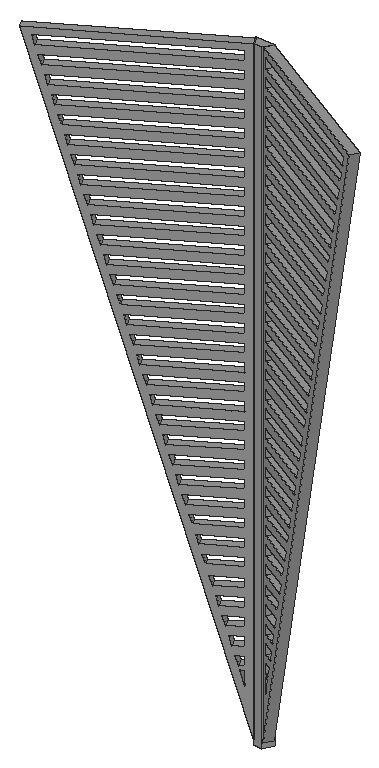
Revit family "MBS_shading panel2__down_30", category Generic Models, Revit 2014
Reference planes
  plane 1 "Center (Front/Back)": y = 0
  plane 2: z = 0
  plane 3 "Center (Left/Right)": x = 0
Dimensions and locks
  aligned and locked: level to plane 2
Nested families
  nested 1: "MBS_rounding mullion shading system2" at (100, -200, 0), type "MBS_rounding mullion shading system2"
    with rounding mullion height 2700 mm
  nested 2: "MBS_shading panel2" at (-87.681, 125.073, 20) x (-0.5, 0.866, 0) z (-0.866, -0.5, 0), type "MBS_shading panel2"
    with shad panel thickness 40 mm, shad panel 1 void height 2700 mm
  nested 3: "MBS_shading panel2" at (-32.076, -567.327, 20) x (-0.5, -0.866, 0) z (0.866, -0.5, 0), type "MBS_shading panel2"
    with shad panel thickness 40 mm, shad panel 1 void height 2700 mm
Definition of nested family "MBS_rounding mullion shading system2"
  Parameters (values of type "MBS_rounding mullion shading system2")
    rounding mullion mater = Steel, Galvanized rounding mull
    rounding mullion height [instance] = 2700 mm
    Default Elevation = 1219.2 mm
  Reference planes
    plane 1 "Center (Front/Back)": y = 0
    plane 2: z = 0
    plane 3 "Center (Left/Right)": x = 0
  Forms (mm)
    Extrusion 1, solid
      sketch origin (0, 0, 0) x (1, 0, 0) y (0, 1, 0)
        loop
          line (-1219.2, 1219.2) -> (-1219.2, -1219.2) -> (1219.2, -1219.2) -> (1219.2, 1219.2) -> (-1219.2, 1219.2)
      from 0 to -304.8
    Extrusion 2, solid, material "Steel, Galvanized rounding mull" <- "rounding mullion mater"
      sketch origin (0, 0, 0) x (1, 0, 0) y (0, 1, 0)
        loop
          line (0, 0) -> (23.094, -40) -> (56.906, -40) -> (80, 0) -> (0, 0)
      from 0 to 2700 <- "rounding mullion height"
  Dimensions and locks
    aligned and locked: plane 2 to Extrusion 1
    aligned and locked: level to Extrusion 1
Definition of nested family "MBS_shading panel2"
  Parameters (values of type "MBS_shading panel2")
    shading panel mater = Oak, Red shading panel2
    shad panel thickness [instance] = 40 mm
    shad panel 1 void height [instance] = 2700 mm
    panel hole = 40 mm
    Default Elevation = 1219.2 mm
  Reference planes
    plane 1 "Center (Front/Back)": y = 0
    plane 2: z = 0
    plane 3 "Center (Left/Right)": x = 0
    plane 4: y = -281.851
    plane 5: y = -321.851
    plane 6: y = -356.851
    plane 7: y = -396.851
    plane 8: through (799.2, -206.851, 30) normal (0, -0.2841, -0.9588)
    plane 9: y = -431.851
    plane 10: y = -471.851
    plane 11: y = -506.851
    plane 12: y = -546.851
    plane 13: y = -581.851
    plane 14: y = -621.851
    plane 15: y = -661.851
    plane 16: y = -701.851
    plane 17: y = -736.851
    plane 18: y = -776.851
    plane 19: y = -811.851
    plane 20: y = -851.851
    plane 21: y = -886.851
    plane 22: y = -926.851
    plane 23: y = -961.851
    plane 24: y = -1001.851
    plane 25: y = -1036.851
    plane 26: y = -1076.851
    plane 27: y = -1111.851
    plane 28: y = -1151.851
    plane 29: y = -1186.851
    plane 30: y = -1226.851
    plane 31: y = -1261.851
    plane 32: y = -1301.851
    plane 33: y = -1336.851
    plane 34: y = -1376.851
    plane 35: y = -1411.851
    plane 36: y = -1451.851
    plane 37: y = -1486.851
    plane 38: y = -1526.851
    plane 39: y = -1561.851
    plane 40: y = -1601.851
    plane 41: y = -1636.851
    plane 42: y = -1676.851
    plane 43: y = -1711.851
    plane 44: y = -1751.851
    plane 45: y = -1786.851
    plane 46: y = -1826.851
    plane 47: y = -1861.851
    plane 48: y = -1901.851
    plane 49: y = -1936.851
    plane 50: y = -1976.851
    plane 51: y = -2011.851
    plane 52: y = -2051.851
    plane 53: y = -2086.851
    plane 54: y = -2126.851
    plane 55: y = -2161.851
    plane 56: y = -2201.851
    plane 57: y = -2236.851
    plane 58: y = -2276.851
    plane 59: y = -2311.851
    plane 60: y = -2351.851
    plane 61: y = -2386.851
    plane 62: y = -2426.851
    plane 63: y = -2501.851
    plane 64: y = -2461.851
    plane 65: y = -2536.851
    plane 66: y = -2576.851
    plane 67: y = -2611.851
    plane 68: y = -2651.851
  Forms (mm)
    Extrusion 1, solid
      sketch origin (0, 0, 0) x (1, 0, 0) y (0, 1, 0)
        loop
          line (-1219.2, 1219.2) -> (-1219.2, -1219.2) -> (1219.2, -1219.2) -> (1219.2, 1219.2) -> (-1219.2, 1219.2)
      from 0 to -304.8
    Extrusion 2, solid, material "Oak, Red shading panel2" <- "shading panel mater"
      sketch origin (-420, -1442.49, -227.833) x (0, 0, -1) y (0, 1, 0)
        loop
          line (-227.833, 1442.49) -> (-1021.907, -1237.51) -> (-227.833, -1237.51) -> (-227.833, 1442.49)
        loop
          line (-257.833, 1235.639) -> (-275.611, 1175.639) -> (-257.833, 1175.639) -> (-257.833, 1235.639)
        loop
          line (-257.833, 1160.639) -> (-280.056, 1160.639) -> (-291.907, 1120.639) -> (-257.833, 1120.639) -> (-257.833, 1160.639)
        loop
          line (-257.833, 1085.639) -> (-302.278, 1085.639) -> (-314.13, 1045.639) -> (-257.833, 1045.639) -> (-257.833, 1085.639)
        loop
          line (-257.833, 1010.639) -> (-324.5, 1010.639) -> (-336.352, 970.639) -> (-257.833, 970.639) -> (-257.833, 1010.639)
        loop
          line (-257.833, 860.639) -> (-368.944, 860.639) -> (-380.796, 820.639) -> (-257.833, 820.639) -> (-257.833, 860.639)
        loop
          line (-257.833, 935.639) -> (-346.722, 935.639) -> (-358.574, 895.639) -> (-257.833, 895.639) -> (-257.833, 935.639)
        loop
          line (-257.833, 780.639) -> (-392.648, 780.639) -> (-404.5, 740.639) -> (-257.833, 740.639) -> (-257.833, 780.639)
        loop
          line (-257.833, 705.639) -> (-414.87, 705.639) -> (-426.722, 665.639) -> (-257.833, 665.639) -> (-257.833, 705.639)
        loop
          line (-257.833, 630.639) -> (-437.093, 630.639) -> (-448.944, 590.639) -> (-257.833, 590.639) -> (-257.833, 630.639)
        loop
          line (-257.833, 555.639) -> (-459.315, 555.639) -> (-471.167, 515.639) -> (-257.833, 515.639) -> (-257.833, 555.639)
        loop
          line (-257.833, 480.639) -> (-481.537, 480.639) -> (-493.389, 440.639) -> (-257.833, 440.639) -> (-257.833, 480.639)
        loop
          line (-257.833, 405.639) -> (-503.759, 405.639) -> (-515.611, 365.639) -> (-257.833, 365.639) -> (-257.833, 405.639)
        loop
          line (-257.833, 330.639) -> (-525.982, 330.639) -> (-537.833, 290.639) -> (-257.833, 290.639) -> (-257.833, 330.639)
        loop
          line (-257.833, 255.639) -> (-548.204, 255.639) -> (-560.056, 215.639) -> (-257.833, 215.639) -> (-257.833, 255.639)
        loop
          line (-257.833, 180.639) -> (-570.426, 180.639) -> (-582.278, 140.639) -> (-257.833, 140.639) -> (-257.833, 180.639)
        loop
          line (-257.833, 105.639) -> (-592.648, 105.639) -> (-604.5, 65.639) -> (-257.833, 65.639) -> (-257.833, 105.639)
        loop
          line (-257.833, 30.639) -> (-614.87, 30.639) -> (-626.722, -9.361) -> (-257.833, -9.361) -> (-257.833, 30.639)
        loop
          line (-257.833, -44.361) -> (-637.093, -44.361) -> (-648.944, -84.361) -> (-257.833, -84.361) -> (-257.833, -44.361)
        loop
          line (-257.833, -119.361) -> (-659.315, -119.361) -> (-671.167, -159.361) -> (-257.833, -159.361) -> (-257.833, -119.361)
        loop
          line (-257.833, -194.361) -> (-681.537, -194.361) -> (-693.389, -234.361) -> (-257.833, -234.361) -> (-257.833, -194.361)
        loop
          line (-257.833, -269.361) -> (-703.759, -269.361) -> (-715.611, -309.361) -> (-257.833, -309.361) -> (-257.833, -269.361)
        loop
          line (-257.833, -344.361) -> (-725.982, -344.361) -> (-737.833, -384.361) -> (-257.833, -384.361) -> (-257.833, -344.361)
        loop
          line (-257.833, -419.361) -> (-748.204, -419.361) -> (-760.056, -459.361) -> (-257.833, -459.361) -> (-257.833, -419.361)
        loop
          line (-257.833, -494.361) -> (-770.426, -494.361) -> (-782.278, -534.361) -> (-257.833, -534.361) -> (-257.833, -494.361)
        loop
          line (-257.833, -569.361) -> (-792.648, -569.361) -> (-804.5, -609.361) -> (-257.833, -609.361) -> (-257.833, -569.361)
        loop
          line (-257.833, -644.361) -> (-814.87, -644.361) -> (-826.722, -684.361) -> (-257.833, -684.361) -> (-257.833, -644.361)
        loop
          line (-257.833, -719.361) -> (-837.093, -719.361) -> (-848.944, -759.361) -> (-257.833, -759.361) -> (-257.833, -719.361)
        loop
          line (-257.833, -794.361) -> (-859.315, -794.361) -> (-871.167, -834.361) -> (-257.833, -834.361) -> (-257.833, -794.361)
        loop
          line (-257.833, -869.361) -> (-881.537, -869.361) -> (-893.389, -909.361) -> (-257.833, -909.361) -> (-257.833, -869.361)
        loop
          line (-257.833, -944.361) -> (-903.759, -944.361) -> (-915.611, -984.361) -> (-257.833, -984.361) -> (-257.833, -944.361)
        loop
          line (-257.833, -1019.361) -> (-925.982, -1019.361) -> (-937.833, -1059.361) -> (-257.833, -1059.361) -> (-257.833, -1019.361)
        loop
          line (-257.833, -1094.361) -> (-948.204, -1094.361) -> (-960.056, -1134.361) -> (-257.833, -1134.361) -> (-257.833, -1094.361)
        loop
          line (-257.833, -1169.361) -> (-970.426, -1169.361) -> (-982.278, -1209.361) -> (-257.833, -1209.361) -> (-257.833, -1169.361)
      from 0 to 40 <- "shad panel thickness"
  Dimensions and locks
    "panel hole": plane 4 to plane 5
    "panel hole": plane 6 to plane 7
    "panel hole": plane 9 to plane 10
    "panel hole": plane 11 to plane 12
    "panel hole": plane 13 to plane 14
    "panel hole": plane 15 to plane 16
    "panel hole": plane 17 to plane 18
    "panel hole": plane 19 to plane 20
    "panel hole": plane 21 to plane 22
    "panel hole": plane 23 to plane 24
    "panel hole": plane 25 to plane 26
    "panel hole": plane 27 to plane 28
    "panel hole": plane 29 to plane 30
    "panel hole": plane 31 to plane 32
    "panel hole": plane 33 to plane 34
    "panel hole": plane 35 to plane 36
    "panel hole": plane 37 to plane 38
    "panel hole": plane 39 to plane 40
    "panel hole": plane 41 to plane 42
    "panel hole": plane 43 to plane 44
    "panel hole": plane 45 to plane 46
    "panel hole": plane 47 to plane 48
    "panel hole": plane 49 to plane 50
    "panel hole": plane 51 to plane 52
    "panel hole": plane 53 to plane 54
    "panel hole": plane 55 to plane 56
    "panel hole": plane 57 to plane 58
    "panel hole": plane 59 to plane 60
    "panel hole": plane 61 to plane 62
    "panel hole": plane 64 to plane 63
    "panel hole": plane 65 to plane 66
    "panel hole": plane 67 to plane 68
    aligned and locked: plane 2 to Extrusion 1
    aligned and locked: level to Extrusion 1
    aligned and locked: plane 4 to Extrusion 2 sketch curve
    aligned and locked: plane 5 to Extrusion 2 sketch curve
    aligned and locked: plane 6 to Extrusion 2 sketch curve
    aligned and locked: plane 7 to Extrusion 2 sketch curve
    aligned and locked: plane 8 to Extrusion 2 sketch curve  (x33)
    aligned and locked: plane 9 to Extrusion 2 sketch curve
    aligned and locked: plane 10 to Extrusion 2 sketch curve
    aligned and locked: plane 11 to Extrusion 2 sketch curve
    aligned and locked: plane 12 to Extrusion 2 sketch curve
    aligned and locked: plane 13 to Extrusion 2 sketch curve
    aligned and locked: plane 14 to Extrusion 2 sketch curve
    aligned and locked: plane 15 to Extrusion 2 sketch curve
    aligned and locked: plane 16 to Extrusion 2 sketch curve
    aligned and locked: plane 17 to Extrusion 2 sketch curve
    aligned and locked: plane 18 to Extrusion 2 sketch curve
    aligned and locked: plane 19 to Extrusion 2 sketch curve
    aligned and locked: plane 20 to Extrusion 2 sketch curve
    aligned and locked: plane 21 to Extrusion 2 sketch curve
    aligned and locked: plane 22 to Extrusion 2 sketch curve
    aligned and locked: plane 23 to Extrusion 2 sketch curve
    aligned and locked: plane 24 to Extrusion 2 sketch curve
    aligned and locked: plane 25 to Extrusion 2 sketch curve
    aligned and locked: plane 26 to Extrusion 2 sketch curve
    aligned and locked: plane 27 to Extrusion 2 sketch curve
    aligned and locked: plane 28 to Extrusion 2 sketch curve
    aligned and locked: plane 29 to Extrusion 2 sketch curve
    aligned and locked: plane 30 to Extrusion 2 sketch curve
    aligned and locked: plane 31 to Extrusion 2 sketch curve
    aligned and locked: plane 32 to Extrusion 2 sketch curve
    aligned and locked: plane 33 to Extrusion 2 sketch curve
    aligned and locked: plane 34 to Extrusion 2 sketch curve
    aligned and locked: plane 35 to Extrusion 2 sketch curve
    aligned and locked: plane 36 to Extrusion 2 sketch curve
    aligned and locked: plane 37 to Extrusion 2 sketch curve
    aligned and locked: plane 38 to Extrusion 2 sketch curve
    aligned and locked: plane 39 to Extrusion 2 sketch curve
    aligned and locked: plane 40 to Extrusion 2 sketch curve
    aligned and locked: plane 41 to Extrusion 2 sketch curve
    aligned and locked: plane 42 to Extrusion 2 sketch curve
    aligned and locked: plane 43 to Extrusion 2 sketch curve
    aligned and locked: plane 44 to Extrusion 2 sketch curve
    aligned and locked: plane 45 to Extrusion 2 sketch curve
    aligned and locked: plane 46 to Extrusion 2 sketch curve
    aligned and locked: plane 47 to Extrusion 2 sketch curve
    aligned and locked: plane 48 to Extrusion 2 sketch curve
    aligned and locked: plane 49 to Extrusion 2 sketch curve
    aligned and locked: plane 50 to Extrusion 2 sketch curve
    aligned and locked: plane 51 to Extrusion 2 sketch curve
    aligned and locked: plane 52 to Extrusion 2 sketch curve
    aligned and locked: plane 53 to Extrusion 2 sketch curve
    aligned and locked: plane 54 to Extrusion 2 sketch curve
    aligned and locked: plane 55 to Extrusion 2 sketch curve
    aligned and locked: plane 56 to Extrusion 2 sketch curve
    aligned and locked: plane 57 to Extrusion 2 sketch curve
    aligned and locked: plane 58 to Extrusion 2 sketch curve
    aligned and locked: plane 59 to Extrusion 2 sketch curve
    aligned and locked: plane 60 to Extrusion 2 sketch curve
    aligned and locked: plane 61 to Extrusion 2 sketch curve
    aligned and locked: plane 62 to Extrusion 2 sketch curve
    aligned and locked: plane 63 to Extrusion 2 sketch curve
    aligned and locked: plane 64 to Extrusion 2 sketch curve
    aligned and locked: plane 65 to Extrusion 2 sketch curve
    aligned and locked: plane 66 to Extrusion 2 sketch curve
    aligned and locked: plane 67 to Extrusion 2 sketch curve
    aligned and locked: plane 68 to Extrusion 2 sketch curve
  Automatic sketch dimensions
    Extrusion 1 sketch curve to Extrusion 1 sketch curve = 2438.4 mm  (x2)
    Extrusion 2 sketch curve to level = 0 mm
    Extrusion 2 sketch curve to plane 1 "Center (Front/Back)" = 0 mm
    Extrusion 2 sketch curve to plane 68 = 28.149 mm
    Extrusion 2 sketch curve to Extrusion 2 sketch curve = 39.63 mm
    plane 4 to Extrusion 2 sketch curve = 15 mm
    level to Extrusion 2 sketch curve = 30 mm  (x32)
    Extrusion 2 sketch curve to Extrusion 2 sketch curve = 0 mm
